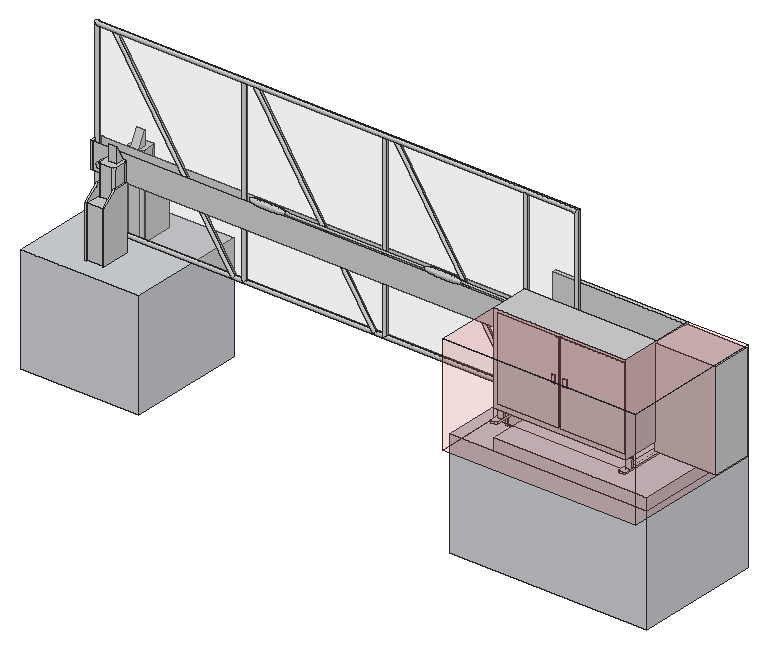
Revit family "Barrier_Gate-Assembly_AutoGate_Shield-M30-Gated", category Generic Models, Revit 2015
Parameters (values of type "as Specified")
  lightcontrol [instance] = Clear Opening Width / 2  # 8' - 6"
  gateclear [instance] = 1' - 3"  # constant formula
  addwidthB = 0' - 0"  # constant formula
  addwidthA = 0' - 0"  # constant formula
  Warranty Duration (Years) = 0
  Warning Light Color [instance] = none
  Unit Width [instance] = Clear Opening Width + 1' 8" + 1' 9"  # 20' - 5"
  Unit Height [instance] = 8' - 0"
  Unit Depth = 0' - 4"
  URL = "http://autogate.com/"
  Standards Conformance = "ASTM F2656 M30/P1  ;  DOS K4/L3"
  Specification = "http://www.arcat.com/sdspecs/htm04/32_31_00saf.htm"
  SpecWizard = ""
  Space Below Gate [instance] = 0' - 3"
  Show Default Concrete Foundation [instance] = yes
  Show Clearance Box for Operator Maintenance [instance] = yes
  Shield Arm Color [instance] = Metal - Aluminum - Finish as Specified
  Send Message = ""
  Sales Information = "http://autogate.com/about-us/contact/"
  Revision = "R1_2016-11"
  Product Properties = ""
  Product Data = "http://www.arcat.com/arcatcos/cos48/arc48891.html"
  Model = "The Shield M30 with Gate Design as Specified"
  Maximum Clear Opening [instance] = 17' - 0"  # constant formula
  Mass Interior Design Shape Visible [instance] = yes
  Manufacturer Website = "http://autogate.com/"
  Manufacturer Phone - Toll Free = "800-944-4283"
  Manufacturer Phone = "419-588-2796"
  Manufacturer Fax = "419-588-3514"
  Manufacturer Address = "7306 Driver Rd.  P. O. Box 50  Berlin Heights, OH 44814"
  Manufacturer = "AutoGate, Inc"
  Maintenance Schedule (Months) = 0
  Lift Travel Speed = "7 - 14 seconds"
  Keynote = "32 21 00"
  Installation-Fabrication = ""
  Installation Phase = ""
  Include Warning Lights [instance] = yes
  Has Battery Backup = no
  Hardware Finish [instance] = Metal - Aluminum - Finish as Specified
  Green Building-LEED = ""
  Frame Finish [instance] = Metal - Aluminum - Finish as Specified
  Expected Lifespan (Years) = 0
  Electrical_Voltage = 115 V
  Drawn By = "Sumex Design, Inc. / Robert S. Weygant, CSI, CDT, SCIP"
  Description = "AutoGate M30 Anti-Ram Vertical Pivot Gate - The Shield with Gate Design as Specified"
  Default Elevation = 0' - 0"
  Cover Finish [instance] = Metal - Aluminum - Finish as Specified
  Copyright = "©Arcat Inc."
  Construction Details = "http://www.arcat.com/details/autogate/autogate.html?coid=48891"
  Clearance Material [instance] = ARCAT Clearance
  Clear Opening Width [instance] = 17' - 0"
  Bottom Rail Height [instance] = 0' - 2"  # constant formula
  Barrier Open [instance] = not(Barrier Closed)  # no
  Barrier Interior Material [instance] = Metal - Linked Aluminum - Finish as Specified
  Barrier Guard Extension [instance] = 0' - 6 1/4"
  Barrier Design [instance] = Barrier_Gate_AutoGate_Chainlink : Size as Specified
  Barrier Closed [instance] = yes
  Available Options [instance] = "as Specified"
  Assembly Code = "E1030900"
Reference planes (in)
  plane 1 "Center (Front/Back)": y = 0
  plane 2 "Bottom": z = 0
  plane 3 "Center (Left/Right)": x = 0
  plane 4: x = -102
  plane 5: x = 102
  plane 6: z = 15
  plane 7: x = 120
  plane 8: z = 36
  plane 9: z = 240
  plane 10: z = 260
  plane 11: z = 137.5
Forms (in)
  Extrusion 1, solid, visible <- "Show Default Concrete Foundation"
    sketch origin (0, 0, 0) x (1, 0, 0) y (0, 1, 0)
      loop
        line (-136.75, 30) -> (-136.75, -30) -> (-76.75, -30) -> (-76.75, 30) -> (-136.75, 30)
      loop
        line (88.75, -40) -> (188.75, -40) -> (188.75, 24) -> (88.75, 24) -> (88.75, -40)
    from 0 to -54
  Extrusion 2, solid, visible <- "Show Default Concrete Foundation"
    sketch origin (0, 0, 0) x (1, 0, 0) y (0, 1, 0)
      loop
        line (111.5, 24) -> (111.5, -40) -> (188.75, -40) -> (188.75, 24) -> (111.5, 24)
    from 0 to 6
  Extrusion 3, solid, material "Metal - Aluminum - Finish as Specified" <- "Hardware Finish"
    sketch origin (0, 0, 0) x (1, 0, 0) y (0, 1, 0)
      loop
        line (-104, -5) -> (-109.5, -5)
        arc (-109.5, -5) -> (-110.38388, -5.36612) -> (-110.75, -6.25) r 1.25
        line (-110.75, -6.25) -> (-110.75, -11.75)
        arc (-110.75, -11.75) -> (-110.38388, -12.63388) -> (-109.5, -13) r 1.25
        line (-109.5, -13) -> (-104, -13)
        arc (-104, -13) -> (-103.11612, -12.63388) -> (-102.75, -11.75) r 1.25
        line (-102.75, -11.75) -> (-102.75, -6.25)
        arc (-102.75, -6.25) -> (-103.11612, -5.36612) -> (-104, -5) r 1.25
      loop
        arc (-104, 5) -> (-103.11612, 5.36612) -> (-102.75, 6.25) r 1.25
        line (-102.75, 6.25) -> (-102.75, 11.75)
        arc (-102.75, 11.75) -> (-103.11612, 12.63388) -> (-104, 13) r 1.25
        line (-104, 13) -> (-109.5, 13)
        arc (-109.5, 13) -> (-110.38388, 12.63388) -> (-110.75, 11.75) r 1.25
        line (-110.75, 11.75) -> (-110.75, 6.25)
        arc (-110.75, 6.25) -> (-110.38388, 5.36612) -> (-109.5, 5) r 1.25
        line (-109.5, 5) -> (-104, 5)
      loop
        arc (104, -5) -> (103.11612, -5.36612) -> (102.75, -6.25) r 1.25
        line (102.75, -6.25) -> (102.75, -11.75)
        arc (102.75, -11.75) -> (103.11612, -12.63388) -> (104, -13) r 1.25
        line (104, -13) -> (109.5, -13)
        arc (109.5, -13) -> (110.38388, -12.63388) -> (110.75, -11.75) r 1.25
        line (110.75, -11.75) -> (110.75, -6.25)
        arc (110.75, -6.25) -> (110.38388, -5.36612) -> (109.5, -5) r 1.25
        line (109.5, -5) -> (104, -5)
      loop
        line (104, 5) -> (109.5, 5)
        arc (109.5, 5) -> (110.38388, 5.36612) -> (110.75, 6.25) r 1.25
        line (110.75, 6.25) -> (110.75, 11.75)
        arc (110.75, 11.75) -> (110.38388, 12.63388) -> (109.5, 13) r 1.25
        line (109.5, 13) -> (104, 13)
        arc (104, 13) -> (103.11612, 12.63388) -> (102.75, 11.75) r 1.25
        line (102.75, 11.75) -> (102.75, 6.25)
        arc (102.75, 6.25) -> (103.11612, 5.36612) -> (104, 5) r 1.25
    from 0 to 41
  Extrusion 4, solid, material "Metal - Aluminum - Finish as Specified" <- "Shield Arm Color", visible <- "Barrier Closed"
    sketch origin (0, 0, 0) x (1, 0, 0) y (0, 0, 1)
      loop
        line (-122, 42.5) -> (-122, 29.5) -> (124, 29.5) -> (124, 42.5) -> (-122, 42.5)
    from 2.5574 to 2.77886
  Extrusion 5, solid, material "Metal - Aluminum - Finish as Specified" <- "Shield Arm Color", visible <- "Barrier Closed"
    sketch origin (0, 0, 0) x (1, 0, 0) y (0, 0, -1)
      loop
        line (-122, -42.5) -> (124, -42.5) -> (124, -29.5) -> (-122, -29.5) -> (-122, -42.5)
    from 2.5574 to 2.77886
  Extrusion 6, solid, material "Metal - Aluminum - Finish as Specified" <- "Shield Arm Color", visible <- "Barrier Open"
    sketch origin (127.5, 0, 141.5) x (0, 0, -1) y (1, 0, 0)
      loop
        line (-118.75, 17.5) -> (-118.75, 3) -> (105.5, 3) -> (105.5, 17.5) -> (-118.75, 17.5)
    from 2.5574 to 2.77886
  Extrusion 7, solid, material "Metal - Aluminum - Finish as Specified" <- "Shield Arm Color", visible <- "Barrier Open"
    sketch origin (127.5, 0, 141.5) x (0, 0, -1) y (-1, 0, 0)
      loop
        line (-118.75, -17.5) -> (105.5, -17.5) -> (105.5, -3) -> (-118.75, -3) -> (-118.75, -17.5)
    from 2.5574 to 2.77886
  Extrusion 8, solid, material "Metal - Aluminum - Finish as Specified" <- "Shield Arm Color", visible <- "Barrier Closed"
    sketch origin (0, 0, 0) x (1, 0, 0) y (0, 0, 1)
      loop
        line (-123, 42.5) -> (-123, 29.5) -> (-122, 29.5) -> (-122, 42.5) -> (-123, 42.5)
    from -2.77886 to 2.77886
  Extrusion 9, solid, material "Metal - Aluminum - Finish as Specified" <- "Shield Arm Color", visible <- "Barrier Open"
    sketch origin (0, 0, 0) x (1, 0, 0) y (0, 0, 1)
      loop
        line (130.5, 260.25) -> (145, 260.25) -> (145, 261.25) -> (130.5, 261.25) -> (130.5, 260.25)
    from -2.77886 to 2.77886
  Extrusion 10, solid, material "Metal - Aluminum - Finish as Specified" <- "Hardware Finish"
    sketch origin (-102, -180, 63.31719) x (0, 0, 1) y (0, -1, 0)
      loop
        line (-22.31719, -175) -> (-14.81719, -171) -> (-22.31719, -171) -> (-22.31719, -175)
      loop
        line (-22.31719, -185) -> (-22.31719, -189) -> (-14.81719, -189) -> (-22.31719, -185)
    from -6.75 to -2.75
  Extrusion 11, solid, material "Metal - Aluminum - Finish as Specified" <- "Hardware Finish"
    sketch origin (-102, -180, 63.31719) x (0, 0, 1) y (0, -1, 0)
      loop
        line (-63.31719, -174) -> (-31.31719, -174) -> (-31.31719, -167) -> (-37.31719, -159.5) -> (-63.31719, -159.5) -> (-63.31719, -174)
    from 0 to -0.75
  Extrusion 12, solid, material "Metal - Aluminum - Finish as Specified" <- "Hardware Finish"
    sketch origin (-102, -180, 63.31719) x (0, 0, 1) y (0, -1, 0)
      loop
        line (-63.31719, -174) -> (-31.31719, -174) -> (-31.31719, -167) -> (-37.31719, -159.5) -> (-63.31719, -159.5) -> (-63.31719, -174)
    from -9.5 to -8.75
  Extrusion 13, solid, material "Metal - Aluminum - Finish as Specified" <- "Hardware Finish"
    sketch origin (-102, 180, 63.31719) x (0, 0, 1) y (0, -1, 0)
      loop
        line (-63.31719, 174) -> (-63.31719, 159.5) -> (-37.31719, 159.5) -> (-31.31719, 167) -> (-31.31719, 174) -> (-63.31719, 174)
    from 0 to -0.75
  Extrusion 14, solid, material "Metal - Aluminum - Finish as Specified" <- "Hardware Finish"
    sketch origin (-102, 180, 63.31719) x (0, 0, 1) y (0, -1, 0)
      loop
        line (-63.31719, 174) -> (-63.31719, 159.5) -> (-37.31719, 159.5) -> (-31.31719, 167) -> (-31.31719, 174) -> (-63.31719, 174)
    from -9.5 to -8.75
  Extrusion 15, solid, material "Metal - Aluminum - Finish as Specified" <- "Hardware Finish"
    sketch origin (0, 0, 0) x (1, 0, 0) y (0, 1, 0)
      loop
        line (-110.75, -11.75) -> (-110.75, -20.25) -> (-102.75, -20.25) -> (-102.75, -11.75) -> (-110.75, -11.75)
      loop
        line (-110.75, 11.75) -> (-102.75, 11.75) -> (-102.75, 20.25) -> (-110.75, 20.25) -> (-110.75, 11.75)
      loop
        line (110.75, -11.75) -> (102.75, -11.75) -> (102.75, -20.25) -> (110.75, -20.25) -> (110.75, -11.75)
      loop
        line (110.75, 11.75) -> (110.75, 20.25) -> (102.75, 20.25) -> (102.75, 11.75) -> (110.75, 11.75)
    from 0 to 25.96348
  Extrusion 16, solid, material "Metal - Aluminum - Finish as Specified" <- "Hardware Finish"
    sketch origin (102, -180, 63.31719) x (0, 0, 1) y (0, -1, 0)
      loop
        line (-63.31719, -174) -> (-31.31719, -174) -> (-31.31719, -167) -> (-37.31719, -159.5) -> (-63.31719, -159.5) -> (-63.31719, -174)
    from 0 to 0.75
  Extrusion 17, solid, material "Metal - Aluminum - Finish as Specified" <- "Hardware Finish"
    sketch origin (102, -180, 63.31719) x (0, 0, 1) y (0, -1, 0)
      loop
        line (-63.31719, -174) -> (-31.31719, -174) -> (-31.31719, -167) -> (-37.31719, -159.5) -> (-63.31719, -159.5) -> (-63.31719, -174)
    from 9.5 to 8.75
  Extrusion 18, solid, material "Metal - Aluminum - Finish as Specified" <- "Hardware Finish"
    sketch origin (102, -180, 63.31719) x (0, 0, 1) y (0, -1, 0)
      loop
        line (-63.31719, -186) -> (-63.31719, -200.5) -> (-37.31719, -200.5) -> (-31.31719, -193) -> (-31.31719, -186) -> (-63.31719, -186)
    from 0 to 0.75
  Extrusion 19, solid, material "Metal - Aluminum - Finish as Specified" <- "Hardware Finish"
    sketch origin (102, -180, 63.31719) x (0, 0, 1) y (0, -1, 0)
      loop
        line (-63.31719, -186) -> (-63.31719, -200.5) -> (-37.31719, -200.5) -> (-31.31719, -193) -> (-31.31719, -186) -> (-63.31719, -186)
    from 9.5 to 8.75
  Extrusion 20, solid, material "Metal - Aluminum - Finish as Specified" <- "Shield Arm Color"
    sketch origin (0, 0, 0) x (1, 0, 0) y (0, 0, 1)
      loop
        circle (-115, 36) r 1.25
      loop
        circle (112.39719, 36) r 1.25
    from 7.5 to -7.5
Cuts and joins
  joined: Extrusion 3, Extrusion 11, Extrusion 12, Extrusion 13, Extrusion 14, Extrusion 15, Extrusion 16, Extrusion 17, Extrusion 18, Extrusion 19
Lines and regions (in)
  reference lines
    curve 1: line (120, 0, 15) -> (120, 0, 24.25)
Dimensions and locks (in)
  equal spacing: plane 5, plane 3 "Center (Left/Right)", plane 4
  "Clear Opening Width": plane 5 to plane 4
  plane 7 to plane 5 = 1' - 6"
  locked: plane 6 to level at 15
  locked: plane 8 to plane 6 at 21
  "Clear Opening Width": plane 9 to plane 8
  plane 5 to Extrusion 2 sketch curve to Extrusion 2 sketch curve = 0' - 9 1/2" locked, 6' - 5 1/4" locked
  locked: plane 4 to Extrusion 4 sketch curve at 20
  locked: plane 4 to Extrusion 5 sketch curve at 20
  locked: Extrusion 4 sketch curve to plane 5 at 22
  locked: Extrusion 5 sketch curve to plane 5 at 22
  locked: Extrusion 4 sketch curve to level at 29.5
  locked: Extrusion 4 sketch curve to Extrusion 4 sketch curve at 13
  Extrusion 5 sketch curve to Extrusion 5 sketch curve to level = 1' - 1" locked, 2' - 5 1/2" locked
  locked: Extrusion 6 sketch curve to plane 9 at 20.25
  locked: Extrusion 7 sketch curve to plane 9 at 20.25
  plane 4 to Extrusion 8 sketch curve to Extrusion 8 sketch curve = 1' - 8" locked, 0' - 1" locked
  Extrusion 8 sketch curve to Extrusion 8 sketch curve to plane 2 "Bottom" = 1' - 1" locked, 2' - 5 1/2" locked
  Extrusion 9 sketch curve to Extrusion 9 sketch curve to nested 3 = 1' - 2 1/2" locked, 2' - 5 1/2" locked
  Extrusion 9 sketch curve to Extrusion 9 sketch curve to plane 9 = 0' - 1" locked, 1' - 8 1/4" locked
  Extrusion 6 sketch curve to Extrusion 6 sketch curve to plane 5 = 1' - 2 1/2" locked, 2' - 4 1/2" locked
  Extrusion 7 sketch curve to Extrusion 7 sketch curve to plane 5 = 1' - 2 1/2" locked, 2' - 4 1/2" locked
  Extrusion 11 sketch curve to Extrusion 11 sketch curve to plane 2 "Bottom" to Extrusion 11 sketch curve = 0' - 6" locked, 2' - 2" locked, 0' - 0" locked
  Extrusion 12 sketch curve to Extrusion 12 sketch curve to plane 2 "Bottom" to Extrusion 12 sketch curve = 0' - 6" locked, 2' - 2" locked, 0' - 0" locked
  Extrusion 13 sketch curve to Extrusion 13 sketch curve to plane 2 "Bottom" to Extrusion 13 sketch curve = 0' - 6" locked, 2' - 2" locked, 0' - 0" locked
  Extrusion 14 sketch curve to Extrusion 14 sketch curve to plane 2 "Bottom" to Extrusion 14 sketch curve = 0' - 6" locked, 2' - 2" locked, 0' - 0" locked
  Extrusion 3 sketch curve to Extrusion 3 sketch curve to plane 1 "Center (Front/Back)" to Extrusion 3 sketch curve to Extrusion 3 sketch curve = 0' - 8" locked, 0' - 5" locked, 0' - 5" locked, 0' - 8" locked  (x2)
  Extrusion 16 sketch curve to Extrusion 16 sketch curve to Extrusion 16 sketch curve = 0' - 6" locked, 2' - 2"
  Extrusion 17 sketch curve to Extrusion 17 sketch curve to Extrusion 17 sketch curve = 0' - 6" locked, 2' - 2"
  Extrusion 18 sketch curve to Extrusion 18 sketch curve to Extrusion 18 sketch curve = 0' - 6" locked, 2' - 2"
  Extrusion 19 sketch curve to Extrusion 19 sketch curve to Extrusion 19 sketch curve = 0' - 6" locked, 2' - 2"
  locked: plane 2 "Bottom" to Extrusion 17 sketch curve at 0
  locked: plane 2 "Bottom" to Extrusion 16 sketch curve at 0
  locked: plane 2 "Bottom" to Extrusion 19 sketch curve at 0
  locked: plane 2 "Bottom" to Extrusion 18 sketch curve at 0
  locked: plane 1 "Center (Front/Back)" to Extrusion 1 sketch curve at 24
  locked: Extrusion 1 sketch curve to Extrusion 1 sketch curve at 64
  locked: Extrusion 1 sketch curve to plane 5 at 13.25
  locked: Extrusion 1 sketch curve to Extrusion 1 sketch curve at 100
  Extrusion 1 sketch curve to plane 1 "Center (Front/Back)" to Extrusion 1 sketch curve = 2' - 6" locked, 2' - 6" locked
  locked: plane 4 to Extrusion 1 sketch curve at 25.25
  locked: Extrusion 1 sketch curve to Extrusion 1 sketch curve at 60
  locked: plane 5 to nested 3 at 1
  equal spacing: plane 10, plane 11, plane 6
  "Unit Width": plane 10 to plane 6
  aligned and locked: plane 7 to curve 1
  aligned and locked: plane 6 to curve 1
  aligned and locked: plane 8 to Extrusion 6 sketch curve
  aligned and locked: Extrusion 7 sketch curve to plane 8
  aligned and locked: nested 1 to plane 5
  aligned and locked: plane 3 "Center (Left/Right)" to nested 2
  aligned and locked: nested 3 to plane 11
Automatic sketch dimensions
  curve 1 to curve 1 = 0' - 9 1/4"
  Extrusion 3 sketch curve to plane 4 = 0' - 8 3/4"  (x2)
  Extrusion 3 sketch curve to Extrusion 3 sketch curve = 0' - 1 1/4"  (x10)
  Extrusion 3 sketch curve to plane 4 = 0' - 2"  (x4)
  Extrusion 3 sketch curve to plane 4 = 0' - 0 3/4"  (x2)
  plane 5 to Extrusion 3 sketch curve = 0' - 0 3/4"  (x2)
  Extrusion 3 sketch curve to Extrusion 3 sketch curve = 0' - 5 1/2"  (x2)
  Extrusion 3 sketch curve to Extrusion 3 sketch curve = 0' - 0"  (x2)
  plane 1 "Center (Front/Back)" to Extrusion 11 sketch curve = 0' - 6"
  Extrusion 11 sketch curve to Extrusion 11 sketch curve = 0' - 7"
  Extrusion 11 sketch curve to Extrusion 11 sketch curve = 1' - 2 1/2"
  plane 1 "Center (Front/Back)" to Extrusion 12 sketch curve = 0' - 6"
  Extrusion 12 sketch curve to Extrusion 12 sketch curve = 0' - 7"
  Extrusion 12 sketch curve to Extrusion 12 sketch curve = 1' - 2 1/2"
  Extrusion 13 sketch curve to plane 1 "Center (Front/Back)" = 1' - 8 1/2"
  Extrusion 13 sketch curve to Extrusion 13 sketch curve = 0' - 7 1/2"
  Extrusion 13 sketch curve to plane 1 "Center (Front/Back)" = 0' - 6"
  Extrusion 14 sketch curve to plane 1 "Center (Front/Back)" = 1' - 8 1/2"
  Extrusion 14 sketch curve to Extrusion 14 sketch curve = 0' - 7 1/2"
  Extrusion 14 sketch curve to plane 1 "Center (Front/Back)" = 0' - 6"
  Extrusion 15 sketch curve to plane 4 = 0' - 8 3/4"  (x2)
  Extrusion 15 sketch curve to plane 4 = 0' - 0 3/4"  (x2)
  plane 5 to Extrusion 15 sketch curve = 0' - 0 3/4"  (x2)
  Extrusion 15 sketch curve to Extrusion 15 sketch curve = 0' - 8"  (x2)
  plane 1 "Center (Front/Back)" to Extrusion 15 sketch curve = 1' - 8 1/4"  (x2)
  Extrusion 15 sketch curve to Extrusion 15 sketch curve = 0' - 8 1/2"  (x4)
  Extrusion 15 sketch curve to plane 1 "Center (Front/Back)" = 0' - 11 3/4"  (x2)
  plane 1 "Center (Front/Back)" to Extrusion 17 sketch curve = 0' - 6"
  Extrusion 17 sketch curve to Extrusion 17 sketch curve = 0' - 7"
  Extrusion 17 sketch curve to Extrusion 17 sketch curve = 1' - 2 1/2"
  plane 1 "Center (Front/Back)" to Extrusion 16 sketch curve = 0' - 6"
  Extrusion 16 sketch curve to Extrusion 16 sketch curve = 0' - 7"
  Extrusion 16 sketch curve to Extrusion 16 sketch curve = 1' - 2 1/2"
  Extrusion 19 sketch curve to plane 1 "Center (Front/Back)" = 1' - 8 1/2"
  Extrusion 19 sketch curve to Extrusion 19 sketch curve = 0' - 7 1/2"
  Extrusion 19 sketch curve to plane 1 "Center (Front/Back)" = 0' - 6"
  Extrusion 18 sketch curve to plane 1 "Center (Front/Back)" = 1' - 8 1/2"
  Extrusion 18 sketch curve to Extrusion 18 sketch curve = 0' - 7 1/2"
  Extrusion 18 sketch curve to plane 1 "Center (Front/Back)" = 0' - 6"
  plane 1 "Center (Front/Back)" to Extrusion 2 sketch curve = 3' - 4"
  Extrusion 2 sketch curve to plane 1 "Center (Front/Back)" = 2' - 0"
  Extrusion 20 sketch curve to plane 8 = 0' - 0"  (x2)
  Extrusion 20 sketch curve to plane 4 = 1' - 1"
  Extrusion 20 sketch curve to plane 7 = 0' - 7.60281"
  plane 8 to Extrusion 10 sketch curve = 0' - 5"  (x2)
  Extrusion 10 sketch curve to Extrusion 10 sketch curve = 0' - 7 1/2"  (x2)
  Extrusion 10 sketch curve to Extrusion 10 sketch curve = 0' - 4"  (x2)
  plane 1 "Center (Front/Back)" to Extrusion 10 sketch curve = 0' - 5"
  Extrusion 10 sketch curve to plane 1 "Center (Front/Back)" = 0' - 5"
  radius of Extrusion 20 sketch curve = 0' - 1 1/4"  (x2)
Nested families (in)
  nested 1: "Barrier_Gate-Operator_AutoGate_Pivot" at (168, 0, 6), Clearance Box Material <- "Clearance Material", Frame Finish <- "Cover Finish", Space Below Gate <- "Space Below Gate", Clearance Box for Maintenance <- "Show Clearance Box for Operator Maintenance", Closed <- "Barrier Closed", Open <- "Barrier Open", Clear Location <- "gateclear", lightcontrol <- "lightcontrol", Gate Width <- "Unit Width", Gate Height <- "Unit Height", Warning Light Color <- "Warning Light Color", Warning Lights <- "Include Warning Lights", type "as Specified"
    with warningopen no, warningclosed yes, lightcontrol 8' - 6", Warning Lights yes, Warning Light Color none, Space Below Gate 0' - 3", Open no, Gate Width 20' - 5", Gate Height 8' - 0", Gate Guard 2' - 6 5/8", Frame Finish Metal - Aluminum - Finish as Specified, Closed yes, Clearance Box for Maintenance yes, Clearance Box Material ARCAT Clearance, Clear Location 1' - 3", ArmOnly no
  nested 2: "Barrier_Gate_AutoGate_Chainlink" at (0, 0, 0), Interior Finish <- "Barrier Interior Material", Frame Finish <- "Frame Finish", Unit Width <- "Unit Width", Unit Height <- "Unit Height", Mass Interior Design Shape Visible <- "Mass Interior Design Shape Visible", type <- "Barrier Design", visible <- "Barrier Closed", Additional Barrier Width_Operator Side <- "addwidthA", Additional Barrier Width_Non Operator Side <- "addwidthB", type "Size as Specified"
    with designwidths 5' - 11.33333", designheights 7' - 10 1/2", Unit Width 20' - 5", Unit Height 8' - 0", Space Below Gate 0' - 3", Mass Interior Design Shape Visible yes, Interior Finish Metal - Linked Aluminum - Finish as Specified, Frame Finish Metal - Aluminum - Finish as Specified, Bottom Rail Height 0' - 2", Adjust Diagonal UpDown 0' - 0", Adjust Diagonal Left Right 0' - 6", Additional Barrier Width_Operator Side 0' - 0", Additional Barrier Width_Non Operator Side 0' - 0"
  nested 3: "Barrier_Gate_AutoGate_Chainlink" at (101, 0, 137.5) x (0, 0, -1) z (1, 0, 0), Interior Finish <- "Barrier Interior Material", Frame Finish <- "Frame Finish", Unit Width <- "Unit Width", Unit Height <- "Unit Height", Mass Interior Design Shape Visible <- "Mass Interior Design Shape Visible", type <- "Barrier Design", visible <- "Barrier Open", Additional Barrier Width_Operator Side <- "addwidthA", Additional Barrier Width_Non Operator Side <- "addwidthB", type "Size as Specified"
    with designwidths 5' - 11.33333", designheights 7' - 10 1/2", Unit Width 20' - 5", Unit Height 8' - 0", Space Below Gate 0' - 3", Mass Interior Design Shape Visible yes, Interior Finish Metal - Linked Aluminum - Finish as Specified, Frame Finish Metal - Aluminum - Finish as Specified, Bottom Rail Height 0' - 2", Adjust Diagonal UpDown 0' - 0", Adjust Diagonal Left Right 0' - 6", Additional Barrier Width_Operator Side 0' - 0", Additional Barrier Width_Non Operator Side 0' - 0"
Connectors (in)
  electrical at (183.51817, 10, 31.5), driven by "Electrical_Voltage"
    settings: on nested 1, index 1, voltage 115 V, apparent load 0 VA, apparent load phase1 0 VA, apparent load phase2 0 VA, apparent load phase3 0 VA, power factor 1, load classification "Other", number of poles 1, system type 31, power factor state 1, is connector primary yes, connector utility no, sub classification motor no, connector description ""
Definition of nested family "Barrier_Gate-Operator_AutoGate_Pivot"
  Parameters
    warningopen [instance] = and(Warning Lights, Open)  # yes
    warningclosed [instance] = and(Warning Lights, Closed)  # yes
    lightcontrol [instance] = 0' - 11.68129"
    Warranty Duration (Years) = 0
    Warning Lights [instance] = yes
    Warning Light Color [instance] = none
    Unit Height = 4' - 2"
    Unit Depth = 2' - 4"
    URL = ""
    Specification = ""
    SpecWizard = ""
    Space Below Gate [instance] = 0' - 3"
    Send Message = ""
    Sales Information = ""
    Revision = "R1_2016-11"
    Product Properties = ""
    Product Data = ""
    Open [instance] = yes
    Model = "As Specified"
    Manufacturer Website = ""
    Manufacturer Phone - Toll Free = ""
    Manufacturer Phone = ""
    Manufacturer Fax = ""
    Manufacturer Address = ""
    Manufacturer = ""
    Maintenance Schedule (Months) = 0
    Keynote = ""
    Installation-Fabrication = ""
    Installation Phase = ""
    Green Building-LEED = ""
    Gate Width [instance] = 10' - 0"
    Gate Height [instance] = 11' - 0"
    Gate Guard [instance] = if(ArmOnly, 0' 3 1/2", if(Gate Height < 6' 0", 0' 2 1/2", if(Gate Height < 7' 0", 0' 5 1/2", if(Gate Height < 8' 0", 1' 6 5/8", if(Gate Height < 9' 0", 2' 6 5/8", if(Gate Height < 10' 0", 3' 6 5/8", 0' 3 1/2"))))))  # 0' - 3 1/2"
    Frame Finish [instance] = none
    Expected Lifespan (Years) = 0
    Drawn By = "Sumex Design, Inc. / Robert S. Weygant, CSI, CDT, SCIP"
    Description = ""
    Default Elevation = 0' - 0"
    Copyright = "©Arcat Inc."
    Construction Details = ""
    Closed [instance] = yes
    Clearance Box for Maintenance [instance] = yes
    Clearance Box Material [instance] = none
    Clear Location [instance] = 8' - 6.68129"
    Assembly Code = ""
    ArmOnly [instance] = yes
  Reference planes (in)
    plane 1 "Center (Front/Back)": y = 0
    plane 2 "Bottom": z = 0
    plane 3 "Center (Left/Right)": x = 0
    plane 4: x = -186
    plane 5: x = -66
    plane 6: z = 127
    plane 7: z = 7
    plane 8: x = 1
    plane 9: x = -168.68129
  Forms (in)
    Extrusion 1, solid, material <- "Frame Finish"
      sketch origin (0, 0, 0) x (1, 0, 0) y (0, 0, 1)
        loop
          line (-66, 5.0625) -> (1, 5.0625) -> (1, 50.6875) -> (-66, 50.6875) -> (-66, 5.0625)
      from 8.75 to 28.25
    Extrusion 2, solid, material <- "Frame Finish"
      sketch origin (0, 0, 0) x (1, 0, 0) y (0, 0, -1)
        loop
          line (-66, -5.0625) -> (-66, -50.6875) -> (1, -50.6875) -> (1, -5.0625) -> (-66, -5.0625)
      from 8.8125 to 10.8125
    Extrusion 3, solid, material <- "Frame Finish"
      sketch origin (0, 0, 0) x (1, 0, 0) y (0, 0, 1)
        loop
          line (4.5, 50) -> (1, 50) -> (1, 1) -> (4.5, 1) -> (4.5, 50)
      from -10 to 10
    Extrusion 4, solid, material <- "Frame Finish"
      sketch origin (0, 0, 0) x (1, 0, 0) y (0, 0, 1)
        loop
          line (-66, 5.0625) -> (1, 5.0625) -> (1, 7) -> (-66, 7) -> (-66, 5.0625)
      from -10 to 10
    Extrusion 5, solid, material <- "Frame Finish"
      sketch origin (0, -28.25, 0) x (1, 0, 0) y (0, 0, 1)
        loop
          line (-64, 7.8125) -> (-33, 7.8125) -> (-33, 49.1875) -> (-64, 49.1875) -> (-64, 7.8125)
        loop
          line (-32, 7.8125) -> (0.5, 7.8125) -> (0.5, 49.1875) -> (-32, 49.1875) -> (-32, 7.8125)
      from 0.28125 to 0
    Extrusion 6, solid, material <- "Frame Finish"
      sketch origin (0, -28.53125, 0) x (1, 0, 0) y (0, 0, 1)
        loop
          line (-36.49692, 31.23717) -> (-36.49692, 27.48717) -> (-34.74692, 27.48717) -> (-34.74692, 31.23717) -> (-36.49692, 31.23717)
        loop
          line (-30.49692, 31.23717) -> (-30.49692, 27.48717) -> (-28.74692, 27.48717) -> (-28.74692, 31.23717) -> (-30.49692, 31.23717)
      from 0.25 to 0
    Extrusion 7, solid, material <- "Clearance Box Material", visible <- "Clearance Box for Maintenance"
      sketch origin (0, 0, 0) x (1, 0, 0) y (0, 1, 0)
        loop
          line (-66, -28.25) -> (-66, -60.75) -> (4.5, -60.75) -> (4.5, 10.8125) -> (1, 10.8125) -> (1, -28.25) -> (-66, -28.25)
      from 0 to 50.6875
    Extrusion 8, solid, material <- "Frame Finish"
      sketch origin (0, 0, 0) x (1, 0, 0) y (0, 1, 0)
        loop
          line (-65.25, -31) -> (-63.25, -31) -> (-62.5, -30.25) -> (-62.5, 11.5) -> (-66, 11.5) -> (-66, -30.25) -> (-65.25, -31)
        loop
          line (-0.25, -31) -> (1.75, -31) -> (2.5, -30.25) -> (2.5, 11.5) -> (-1, 11.5) -> (-1, -30.25) -> (-0.25, -31)
      from 0 to 0.75
    Extrusion 9, solid, material <- "Frame Finish"
      sketch origin (0, 0, 0) x (1, 0, 0) y (0, 1, 0)
        loop
          circle (-64.26725, -25.91368) r 1.25
        loop
          circle (-64.26725, 8.33632) r 1.25
        loop
          circle (0.73275, -25.91368) r 1.25
        loop
          circle (0.73275, 8.33632) r 1.25
      from 0.75 to 5.0625
    Revolve 10, solid, material <- "Frame Finish", visible <- "warningclosed"
      sketch origin (0, -4, 0) x (1, 0, 0) y (0, 0, 1)
        loop
          line (-66, 39) -> (-66, 39.5) -> (-102, 39.5)
          spline (-102, 39.5) -> (-102.30667, 39.75882) -> (-103.20577, 40) -> (-104.63604, 40.20711) -> (-106.5, 40.36603) -> (-108.67063, 40.46593) -> (-111, 40.5) -> (-113.32937, 40.46593) -> (-115.5, 40.36603) -> (-117.36396, 40.20711) -> (-118.79423, 40) -> (-119.69333, 39.75882) -> (-120, 39.5)
          line (-120, 39.5) -> (-156.31871, 39.5)
          spline (-156.31871, 39.5) -> (-156.62538, 39.75882) -> (-157.52448, 40) -> (-158.95475, 40.20711) -> (-160.81871, 40.36603) -> (-162.98934, 40.46593) -> (-165.31871, 40.5) -> (-167.64808, 40.46593) -> (-169.81871, 40.36603) -> (-171.68267, 40.20711) -> (-173.11294, 40) -> (-174.01205, 39.75882) -> (-174.31871, 39.5)
          line (-174.31871, 39.5) -> (-174.31871, 39) -> (-66, 39)
        axis (-66, 39) -> (-174.31871, 39)
      angle from 0 to 360
    Revolve 11, solid, material <- "Frame Finish", visible <- "warningopen"
      sketch origin (-81.80695, -4, -31.6887) x (0, 0, -1) y (1, 0, 0)
        loop
          line (-38.75, 48.80695) -> (-38.75, 49.30695) -> (-74.75, 49.30695)
          spline (-74.75, 49.30695) -> (-75.05667, 49.56577) -> (-75.95577, 49.80695) -> (-77.38604, 50.01405) -> (-79.25, 50.17297) -> (-81.42063, 50.27287) -> (-83.75, 50.30695) -> (-86.07937, 50.27287) -> (-88.25, 50.17297) -> (-90.11396, 50.01405) -> (-91.54423, 49.80695) -> (-92.44333, 49.56577) -> (-92.75, 49.30695)
          line (-92.75, 49.30695) -> (-129.00741, 49.30695)
          spline (-129.00741, 49.30695) -> (-129.31408, 49.56577) -> (-130.21319, 49.80695) -> (-131.64345, 50.01405) -> (-133.50741, 50.17297) -> (-135.67804, 50.27287) -> (-138.00741, 50.30695) -> (-140.33679, 50.27287) -> (-142.50741, 50.17297) -> (-144.37138, 50.01405) -> (-145.80164, 49.80695) -> (-146.70075, 49.56577) -> (-147.00741, 49.30695)
          line (-147.00741, 49.30695) -> (-147.00741, 48.80695) -> (-38.75, 48.80695)
        axis (-38.75, 48.80695) -> (-147.00741, 48.80695)
      angle from 0 to 360
  Cuts and joins
    joined: Extrusion 1, Extrusion 2, Extrusion 4
  Dimensions and locks (in)
    locked: plane 3 "Center (Left/Right)" to plane 5 at 66
    "Gate Width": plane 4 to plane 5
    Revolve 10 sketch curve to level = 3' - 3"
    locked: Revolve 10 sketch curve to plane 5 at 36
    locked: Revolve 10 sketch curve to Revolve 10 sketch curve at 18  (x2)
    "Gate Guard": Extrusion 3 sketch curve to plane 8
    "Gate Guard": plane 8 to Extrusion 7 sketch curve
    locked: plane 7 to level at 7
    "Gate Width": plane 6 to plane 7
    locked: Revolve 11 sketch curve to Revolve 11 sketch curve at 18  (x2)
    locked: plane 8 to plane 3 "Center (Left/Right)" at 1
    locked: plane 5 to Revolve 11 sketch curve at 33
    "lightcontrol": plane 6 to Revolve 11 sketch curve
    locked: Revolve 11 sketch curve to plane 7 at 36.0613
    "Clear Location": plane 9 to plane 5
    "lightcontrol": Revolve 10 sketch curve to plane 4
  Automatic sketch dimensions
    plane 5 to Extrusion 1 sketch curve = 0' - 0"
    plane 3 "Center (Left/Right)" to Extrusion 1 sketch curve = 0' - 1"
    Extrusion 1 sketch curve to plane 7 = 0' - 1 15/16"
    plane 7 to Extrusion 1 sketch curve = 3' - 7 11/16"
    plane 5 to Extrusion 2 sketch curve = 0' - 0"
    plane 3 "Center (Left/Right)" to Extrusion 2 sketch curve = 0' - 1"
    plane 7 to Extrusion 2 sketch curve = 3' - 7 11/16"
    Extrusion 2 sketch curve to plane 7 = 0' - 1 15/16"
    plane 3 "Center (Left/Right)" to Extrusion 3 sketch curve = 0' - 1"
    level to Extrusion 3 sketch curve = 0' - 1"
    plane 7 to Extrusion 3 sketch curve = 3' - 7"
    plane 5 to Extrusion 4 sketch curve = 0' - 0"
    Extrusion 4 sketch curve to plane 7 = 0' - 0"
    plane 3 "Center (Left/Right)" to Extrusion 4 sketch curve = 0' - 1"
    Extrusion 4 sketch curve to plane 7 = 0' - 1 15/16"
    Extrusion 5 sketch curve to Extrusion 1 = 0' - 2"
    Extrusion 5 sketch curve to Extrusion 1 = 0' - 2 3/4"  (x2)
    Extrusion 5 sketch curve to Extrusion 5 sketch curve = 2' - 7"
    Extrusion 5 sketch curve to Extrusion 5 sketch curve = 0' - 1"
    Extrusion 5 sketch curve to Extrusion 1 = 0' - 0 1/2"
    Extrusion 5 sketch curve to Extrusion 1 = 0' - 1 1/2"
    Extrusion 5 sketch curve to Extrusion 5 sketch curve = 0' - 0"
    Extrusion 6 sketch curve to Extrusion 5 = 0' - 3.49692"
    Extrusion 6 sketch curve to Extrusion 5 = 0' - 1.74692"
    Extrusion 6 sketch curve to Extrusion 5 = 0' - 1.50308"
    Extrusion 6 sketch curve to Extrusion 6 sketch curve = 0' - 1 3/4"
    Extrusion 6 sketch curve to Extrusion 5 = 1' - 7.67467"
    Extrusion 6 sketch curve to Extrusion 6 sketch curve = 0' - 0"
    Extrusion 6 sketch curve to Extrusion 6 sketch curve = 0' - 3 3/4"  (x2)
    Extrusion 7 sketch curve to plane 5 = 0' - 0"
    plane 3 "Center (Left/Right)" to Extrusion 7 sketch curve = 0' - 1"
    plane 1 "Center (Front/Back)" to Extrusion 7 sketch curve = 5' - 0 3/4"
    plane 1 "Center (Front/Back)" to Extrusion 7 sketch curve = 2' - 4 1/4"
    Extrusion 7 sketch curve to plane 1 "Center (Front/Back)" = 0' - 10 13/16"
    Extrusion 8 sketch curve to plane 5 = 0' - 0"
    Extrusion 8 sketch curve to plane 5 = 0' - 0 3/4"
    Extrusion 8 sketch curve to Extrusion 8 sketch curve = 0' - 2"
    Extrusion 8 sketch curve to Extrusion 8 sketch curve = 0' - 3 1/2"
    Extrusion 8 sketch curve to plane 3 "Center (Left/Right)" = 0' - 1"
    Extrusion 8 sketch curve to plane 3 "Center (Left/Right)" = 0' - 0 1/4"
    plane 3 "Center (Left/Right)" to Extrusion 8 sketch curve = 0' - 1 3/4"
    plane 3 "Center (Left/Right)" to Extrusion 8 sketch curve = 0' - 2 1/2"
    plane 1 "Center (Front/Back)" to Extrusion 8 sketch curve = 2' - 7"  (x2)
    Extrusion 8 sketch curve to Extrusion 8 sketch curve = 0' - 0 3/4"  (x4)
    Extrusion 8 sketch curve to plane 1 "Center (Front/Back)" = 0' - 11 1/2"  (x2)
    Extrusion 9 sketch curve to plane 5 = 0' - 1.73275"  (x2)
    plane 3 "Center (Left/Right)" to Extrusion 9 sketch curve = 0' - 0.73275"  (x2)
    plane 1 "Center (Front/Back)" to Extrusion 9 sketch curve = 2' - 1.91368"  (x2)
    Extrusion 9 sketch curve to plane 1 "Center (Front/Back)" = 0' - 8.33632"  (x2)
    plane 5 to Revolve 10 sketch curve = 0' - 0"  (x2)
    Revolve 10 sketch curve to Revolve 10 sketch curve = 0' - 0"
    plane 7 to Revolve 10 sketch curve = 2' - 8 1/2"
    Revolve 10 sketch curve to plane 9 = 0' - 2.63743"
    plane 7 to Revolve 11 sketch curve = 0' - 0.0613"
    Revolve 11 sketch curve to Revolve 11 sketch curve = 0' - 0"  (x2)
    Revolve 11 sketch curve to plane 3 "Center (Left/Right)" = 2' - 8 1/2"
    Revolve 11 sketch curve to Revolve 11 sketch curve = 0' - 3"
    radius of Extrusion 9 sketch curve = 0' - 1 1/4"  (x4)
Definition of nested family "Barrier_Gate_AutoGate_Chainlink"
  Parameters
    designwidths [instance] = (Unit Width + Additional Barrier Width_Operator Side - 0' 4" - 2' 3") / (Number of Inner Design Repeats)  # 4' - 6.66667"
    designheights [instance] = Unit Height - 0' 1 1/2"  # 4' - 10 1/2"
    Warranty Duration (Years) = 0
    Unit Width [instance] = 16' - 0"
    Unit Height [instance] = 5' - 0"
    URL = "http://autogate.com/"
    Specification = "http://www.arcat.com/sdspecs/htm04/32_31_00saf.htm"
    SpecWizard = ""
    Space Below Gate [instance] = 0' - 3"
    Send Message = ""
    Sales Information = "http://autogate.com/about-us/contact/"
    Revision = "R1_2016-11"
    Product Properties = ""
    Product Data = "http://www.arcat.com/arcatcos/cos48/arc48891.html"
    Number of Inner Design Repeats = 3
    Model = "Chain Link"
    Maximum Size = "as Specified"
    Mass Interior Design Shape Visible [instance] = yes
    Manufacturer Website = "http://autogate.com/"
    Manufacturer Phone - Toll Free = "800-944-4283"
    Manufacturer Phone = "419-588-2796"
    Manufacturer Fax = "419-588-3514"
    Manufacturer Address = "7306 Driver Rd.  P. O. Box 50  Berlin Heights, OH 44814"
    Manufacturer = "AutoGate, Inc"
    Maintenance Schedule (Months) = 0
    Keynote = ""
    Interior Finish [instance] = none
    Installation-Fabrication = ""
    Installation Phase = ""
    Green Building-LEED = ""
    Frame Finish [instance] = none
    Expected Lifespan (Years) = 0
    Drawn By = "Sumex Design, Inc. / Robert S. Weygant, CSI, CDT, SCIP"
    Description = "AutoGate Chain Link Gate as Specified"
    Default Elevation = 0' - 0"
    Copyright = "©Arcat Inc."
    Construction Details = "http://www.arcat.com/details/autogate/autogate.html?coid=48891"
    Decorative Channel Height = 0' - 0"  # constant formula
    Bottom Rail Height [instance] = 0' - 2"  # constant formula
    Assembly Code = ""
    Adjust Diagonal UpDown [instance] = 0' - 0"
    Adjust Diagonal Left Right [instance] = 0' - 6"
    Additional Barrier Width_Operator Side [instance] = 0' - 3"
    Additional Barrier Width_Non Operator Side [instance] = 0' - 0 1/4"
  Reference planes (in)
    plane 1 "Center (Front/Back)": y = 0
    plane 2 "Bottom": z = 0
    plane 3 "Center (Left/Right)": x = 0
    plane 4 "Front": y = -1
    plane 5 "Back": y = 1
    plane 6 "Left": x = -96
    plane 7 "Right": x = 96
    plane 8 "Top": z = 60
    plane 9: z = 3
    plane 10: z = 5
    plane 11: x = 99
    plane 12: x = -96.25
    plane 13: z = 4
    plane 14: z = 60
    plane 15: x = -95
    plane 16: x = 98
  Forms (in)
    Extrusion 1, solid
      sketch origin (-96, 16.34522, 48) x (0, 1, 0) y (0, 0, 1)
        loop
          line (-17.34522, -45) -> (-15.34522, -45) -> (-15.34522, -41) -> (-17.34522, -41) -> (-17.34522, -45)
      from 0 to -0.25
    Extrusion 2, solid, material <- "Interior Finish", visible <- "Mass Interior Design Shape Visible"
      sketch origin (0, 0, 0) x (1, 0, 0) y (0, 0, 1)
        loop
          line (-94, 58) -> (-94, 5) -> (97, 5) -> (97, 58) -> (-94, 58)
      from -0.125 to 0.125
    Sweep 3, solid, material <- "Frame Finish"
      path origin (0, 0, 0) x (1, 0, 0) y (0, 0, 1)
        loop
          line (-96, 60) -> (-96, 3) -> (99, 3) -> (99, 60) -> (-96, 60)
      profile origin (1.5, 0, 60) x (0, 0, 1) y (0, -1, 0)
        loop
          circle (-1, 0) r 1
  Dimensions and locks (in)
    equal spacing: plane 6 "Left", plane 3 "Center (Left/Right)", plane 7 "Right"
    "Unit Width": plane 6 "Left" to plane 7 "Right"
    equal spacing: plane 5 "Back", plane 1 "Center (Front/Back)", plane 4 "Front"
    "Bottom Rail Height": plane 5 "Back" to plane 4 "Front"
    "Unit Height": plane 8 "Top" to level
    "Space Below Gate": plane 9 to level
    "Bottom Rail Height": plane 10 to plane 9
    "Additional Barrier Width_Non Operator Side": plane 6 "Left" to plane 12
    "Additional Barrier Width_Operator Side": plane 11 to plane 7 "Right"
    "Bottom Rail Height": Extrusion 1 sketch curve to plane 10
    Extrusion 1 sketch curve to plane 1 "Center (Front/Back)" to Extrusion 1 sketch curve = 0' - 1" locked, 0' - 1" locked
    equal spacing: plane 10, plane 13, plane 9
    "Decorative Channel Height": plane 8 "Top" to plane 14
    locked: plane 11 to Extrusion 2 sketch curve at 2
    locked: plane 14 to Extrusion 2 sketch curve at 2
    locked: Extrusion 2 sketch curve to plane 6 "Left" at 2
    locked: plane 11 to plane 16 at 1
    locked: plane 15 to plane 6 "Left" at 1
    locked: plane 14 to Sweep 3 sketch curve at 1
    locked: plane 11 to nested 1 at 27
    equal spacing: group 3, group 2, group 1
    equal spacing: group 1, group 2, group 3  (x2)
    "designwidths": nested 2 to nested 1
    aligned and locked: Extrusion 2 sketch curve to plane 10
    aligned and locked: nested 1 to level
    aligned and locked: Sweep 3 sketch curve to plane 9
    aligned and locked: Sweep 3 sketch curve to plane 11
    aligned and locked: Sweep 3 sketch curve to plane 14
    aligned and locked: plane 6 "Left" to Sweep 3 sketch curve
  Automatic sketch dimensions
    Sweep 3 sketch curve to plane 1 "Center (Front/Back)" = 0' - 0"
    Extrusion 1 sketch curve to plane 9 = 0' - 0"
    radius of Sweep 3 sketch curve = 0' - 1"
  Nested families (in)
    nested 1: "DesignRepeat" at (72, 0, 0) x (-1, 0, 0) z (0, 0, 1), height <- "designheights", finish <- "Frame Finish", set width <- "designwidths", visible <- "Mass Interior Design Shape Visible", spacing <- "designwidths", channel height <- "Decorative Channel Height", bottom rail height <- "Bottom Rail Height", space below <- "Space Below Gate", adjustdiagonalud <- "Adjust Diagonal UpDown", adjustdiagonalLR <- "Adjust Diagonal Left Right", type "DesignRepeat"
      with spacing 4' - 6.66667", space below 0' - 3", set width 4' - 6.66667", height 4' - 10 1/2", finish none, channel height 0' - 0", bottom rail height 0' - 2", adjustdiagonalud 0' - 0", adjustdiagonalLR 0' - 6"
    nested 2: "DesignRepeat" at (17.33333, 0, 0) x (-1, 0, 0) z (0, 0, 1), height <- "designheights", finish <- "Frame Finish", set width <- "designwidths", visible <- "Mass Interior Design Shape Visible", spacing <- "designwidths", channel height <- "Decorative Channel Height", bottom rail height <- "Bottom Rail Height", space below <- "Space Below Gate", adjustdiagonalud <- "Adjust Diagonal UpDown", adjustdiagonalLR <- "Adjust Diagonal Left Right", type "DesignRepeat"
      with spacing 4' - 6.66667", space below 0' - 3", set width 4' - 6.66667", height 4' - 10 1/2", finish none, channel height 0' - 0", bottom rail height 0' - 2", adjustdiagonalud 0' - 0", adjustdiagonalLR 0' - 6"
    nested 3: "DesignRepeat" at (-37.33333, 0, 0) x (-1, 0, 0) z (0, 0, 1), height <- "designheights", finish <- "Frame Finish", set width <- "designwidths", visible <- "Mass Interior Design Shape Visible", spacing <- "designwidths", channel height <- "Decorative Channel Height", bottom rail height <- "Bottom Rail Height", space below <- "Space Below Gate", adjustdiagonalud <- "Adjust Diagonal UpDown", adjustdiagonalLR <- "Adjust Diagonal Left Right", type "DesignRepeat"
      with spacing 4' - 6.66667", space below 0' - 3", set width 4' - 6.66667", height 4' - 10 1/2", finish none, channel height 0' - 0", bottom rail height 0' - 2", adjustdiagonalud 0' - 0", adjustdiagonalLR 0' - 6"
  Definition of nested family "DesignRepeat"
    Parameters
      spacing [instance] = 4' - 0"
      space below [instance] = 0' - 3"
      set width [instance] = 2' - 8"
      height [instance] = 4' - 0.69378"
      finish [instance] = none
      channel height [instance] = 0' - 8"
      bottom rail height [instance] = 0' - 2"
      adjustdiagonalud [instance] = 0' - 0"
      adjustdiagonalLR [instance] = 0' - 6"
      Default Elevation = 4' - 0"
      Assembly Code = ""
    Reference planes (in)
      plane 1 "Center (Front/Back)": y = 0
      plane 2: z = 0
      plane 3 "Center (Left/Right)": x = 0
      plane 4: z = 3
      plane 5: z = 5
      plane 6: z = 48.69378
      plane 7: x = 42
      plane 8: x = 6
      plane 9: x = 48
      plane 10: z = 4
      plane 11: z = 5
    Forms (in)
      Sweep 1, solid, material <- "finish"
        path origin (6, 0, 5) x (0.635885, 0, 0.771784) y (-0.771784, 0, 0.635885)
          loop
            line (-1.49023, 0) -> (46.24842, 0)
        profile origin (20.23053, 0, 22.27182) x (-0.771784, 0, 0.635885) y (0, -1, 0)
          loop
            circle (0, 0) r 1
      Extrusion 2, solid, material <- "finish"
        sketch origin (0, 0, 0) x (1, 0, 0) y (0, 1, 0)
          loop
            circle (0, 0) r 1
        from 4 to 48.69378
    Lines and regions (in)
      reference lines
        curve 1: line (6, 0, 5) -> (42, 0, 48.69378)
    Dimensions and locks (in)
      "height": plane 6 to level
      "bottom rail height": plane 5 to plane 4
      "adjustdiagonalLR": plane 8 to plane 3 "Center (Left/Right)"
      locked: plane 9 to plane 7 at 6
      "spacing": plane 9 to plane 3 "Center (Left/Right)"
      locked: Extrusion 2 sketch curve to plane 3 "Center (Left/Right)" at 0
      locked: Extrusion 2 sketch curve to plane 1 "Center (Front/Back)"
      equal spacing: plane 5, plane 10, plane 4
      "space below": plane 4 to level
      "channel height": plane 6 to Sweep 1 sketch curve
      "adjustdiagonalud": plane 11 to plane 5
      locked: curve 1 to Sweep 1 sketch curve at 1.49023
      aligned and locked: plane 2 to level
      aligned and locked: curve 1 to plane 6
      aligned and locked: plane 7 to curve 1
      aligned and locked: Sweep 1 sketch curve to curve 1
      aligned and locked: plane 6 to Extrusion 2
      aligned and locked: Extrusion 2 to plane 10
      aligned and locked: plane 8 to curve 1
      aligned and locked: plane 11 to curve 1
    Automatic sketch dimensions
      plane 1 "Center (Front/Back)" to Sweep 1 sketch curve = 0' - 0"
      Sweep 1 sketch curve to profile plane = 0' - 0"
      Extrusion 2 sketch curve to Extrusion 2 sketch curve = 0' - 1"
      radius of Sweep 1 sketch curve = 0' - 1"
